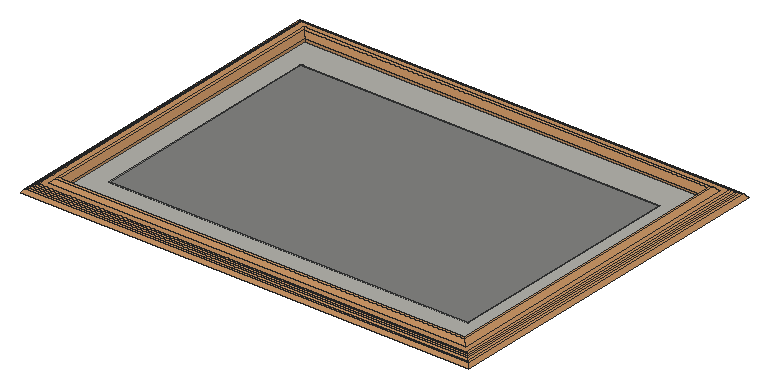
Revit family "f0d29c91-3355-4572-92d5-4f0d480f08f5", category Furniture, host Face, Revit 2016
Family settings
  Host = Face
  OmniClass Number = 23.40.95.00
  OmniClass Title = Furnishings, Ornaments, and Decoration
  Cut with Voids When Loaded = No
  Shared = No
  Room Calculation Point = No
Parameters (values of type "35" x 45"")
  Width = 45"
  URL = "http://besafeprod.com/"
  Type Image = <None>
  Type Comments = ""
  Product Page URL = "http://besafeprod.com/product-catalog/art-frames"
  Product Documentation Link = "http://besafeprod.com/images/art-fram_profile.jpg"
  Notes = "Images include watermark. For clean images, contact Behavorial Safety Products"  # constant formula
  Model = "AF550"  # constant formula
  Mat Finish = Paper-BSP-White Mat
  Manufacturer = "Behavioral Safety Products"  # constant formula
  Keynote = ""
  Image Width = 36"
  Image Height = 24"
  Height = 35"
  Front Protection Finish = Polycarbonate-BSP-Clear
  Frame Finish = Wood-BSP-Cherry
  Description = "Ligature Resistant Art Frame"  # constant formula
  Depth = 1 1/8"  # constant formula
  Default Elevation = 54"
  Assembly Code = ""
  Art Selection = Image-31 : 24x36
  Art Note = "Frame 37x31 uses 16x20 Image, Frame 31x39 uses 20x30 Image, Frame 35x45 uses 24x36 Image"  # constant formula
Types (4): name | Width | Image Width | Image Height | Height | Art Selection
  (no name) | 45" | 36" | 24" | 35" | Image-31 : 24x36
  35" x 45" | 45" | 36" | 24" | 35" | Image-31 : 24x36
  31" x 39" | 39" | 30" | 20" | 31" | Image-31 : 20x30
  27" x 31" | 31" | 20" | 16" | 27" | Image-31 : 16x20
Reference planes (in)
  plane 1 "Center (Front/Back)": y = 12.5
  plane 2: z = 0
  plane 3 "Center (Left/Right)": x = -9.5
  plane 4: x = -32
  plane 5: x = 13
  plane 6: y = -5
  plane 7: y = 30
  plane 8: x = -27.5
  plane 9: x = 8.5
  plane 10: y = 0.5
  plane 11: y = 24.5
Forms (in)
  Sweep 1, solid, material "Wood-BSP-Cherry" <- "Frame Finish", detail levels medium+fine
    path origin (0, 0, 0) x (1, 0, 0) y (0, 1, 0)
      loop
        line (-32, 30) -> (-32, -5) -> (13, -5) -> (13, 30) -> (-32, 30)
    profile "Art_Frame-Profile : Art_Frame-Profile" origin (-9.5, 30, 0) x (0, 1, 0) y (0, 0, 1)
      loop
        line (0, 0) -> (-0.25, 0.3125) -> (-0.41399, 0.4034)
        arc (-0.41399, 0.4034) -> (-0.51102, 0.42173) -> (-0.57798, 0.4943) r 0.15721
        line (-0.57798, 0.4943) -> (-0.68731, 0.5549)
        arc (-0.68731, 0.5549) -> (-0.78434, 0.57323) -> (-0.8513, 0.64581) r 0.15721
        line (-0.8513, 0.64581) -> (-1.01529, 0.73671) -> (-1.57779, 0.73671) -> (-2.00232, 1.09293)
        arc (-2.00232, 1.09293) -> (-2.12273, 1.12128) -> (-2.21715, 1.04135) r 0.13742
        line (-2.21715, 1.04135) -> (-2.5, 0.375) -> (-2.5, 0.1875) -> (-2.25, 0.1875) -> (-2.25, 0) -> (0, 0)
  Extrusion 2, solid, material "Wood-BSP-Cherry" <- "Frame Finish", detail levels coarse
    sketch origin (0, 0, 0) x (1, 0, 0) y (0, 1, 0)
      loop
        line (-32, 30) -> (-32, -5) -> (13, -5) -> (13, 30) -> (-32, 30)
      loop
        line (-29.5, 27.5) -> (-29.5, -2.5) -> (10.5, -2.5) -> (10.5, 27.5) -> (-29.5, 27.5)
    from 0 to 1.125
  Extrusion 3, solid, material "Wood-BSP-Cherry" <- "Frame Finish", detail levels medium+fine
    sketch origin (0, 0, 0) x (1, 0, 0) y (0, 1, 0)
      loop
        line (-29.75, 27.75) -> (-29.75, -2.75) -> (10.75, -2.75) -> (10.75, 27.75) -> (-29.75, 27.75)
    from 0 to 0.0625
  Extrusion 4, solid, material "Paper-BSP-White Mat" <- "Mat Finish", detail levels medium+fine
    sketch origin (0, 0, 0) x (1, 0, 0) y (0, 1, 0)
      loop
        line (-29.75, 27.75) -> (-29.75, -2.75) -> (10.75, -2.75) -> (10.75, 27.75) -> (-29.75, 27.75)
      loop
        line (-27.5, 24.5) -> (-27.5, 0.5) -> (8.5, 0.5) -> (8.5, 24.5) -> (-27.5, 24.5)
    from 0.0625 to 0.09375
  Extrusion 5, solid, material "Polycarbonate-BSP-Clear" <- "Front Protection Finish"
    sketch origin (0, 0, 0) x (1, 0, 0) y (0, 1, 0)
      loop
        line (-29.75, 27.75) -> (-29.75, -2.75) -> (10.75, -2.75) -> (10.75, 27.75) -> (-29.75, 27.75)
    from 0.09375 to 0.1875
Lines and regions (in)
  Masking region 1, detail levels medium
    outline origin (0, 12.5, 0) x (1, 0, 0) y (0, 0, 1)
      loop
        line (-32, 0) -> (13, 0) -> (13, 1.125) -> (-32, 1.125) -> (-32, 0)
  Masking region 2, detail levels fine
    outline origin (0, 12.5, 0) x (1, 0, 0) y (0, 0, 1)
      loop
        line (-31.75, 0.3125) -> (-32, 0) -> (13, 0) -> (12.75, 0.3125) -> (12.58601, 0.4034)
        arc (12.58601, 0.4034) -> (12.48898, 0.42173) -> (12.42202, 0.4943) r 0.15721
        line (12.42202, 0.4943) -> (12.31269, 0.5549)
        arc (12.31269, 0.5549) -> (12.21566, 0.57323) -> (12.1487, 0.64581) r 0.15721
        line (12.1487, 0.64581) -> (11.98471, 0.73671) -> (11.42221, 0.73671) -> (10.99768, 1.09293)
        arc (10.99768, 1.09293) -> (10.87727, 1.12128) -> (10.78285, 1.04135) r 0.13742
        line (10.78285, 1.04135) -> (10.65354, 0.73671) -> (-29.65354, 0.73671) -> (-29.78285, 1.04135)
        arc (-29.78285, 1.04135) -> (-29.87727, 1.12128) -> (-29.99768, 1.09293) r 0.13742
        line (-29.99768, 1.09293) -> (-30.42221, 0.73671) -> (-30.98471, 0.73671) -> (-31.1487, 0.64581)
        arc (-31.1487, 0.64581) -> (-31.21566, 0.57323) -> (-31.31269, 0.5549) r 0.15721
        line (-31.31269, 0.5549) -> (-31.42202, 0.4943)
        arc (-31.42202, 0.4943) -> (-31.48898, 0.42173) -> (-31.58601, 0.4034) r 0.15721
        line (-31.58601, 0.4034) -> (-31.75, 0.3125)
  symbolic lines, style "Art Frame-Course", detail levels coarse
    curve 1: line (13, 12.5, 1.125) -> (-32, 12.5, 1.125)
Dimensions and locks (in)
  equal spacing: plane 7, plane 1 "Center (Front/Back)", plane 6
  "Height": plane 7 to plane 6
  equal spacing: plane 4, plane 3 "Center (Left/Right)", plane 5
  "Width": plane 4 to plane 5
  "Depth": Extrusion 2 to Extrusion 2
  locked: Extrusion 3 to Extrusion 3 at 0.0625
  equal spacing: plane 11, plane 1 "Center (Front/Back)", plane 10
  "Image Height": plane 11 to plane 10
  equal spacing: plane 8, plane 3 "Center (Left/Right)", plane 9
  "Image Width": plane 8 to plane 9
  locked: Extrusion 4 to Extrusion 4 at 0.03125
  aligned and locked: plane 2 to host face
  aligned and locked: level to host face
  aligned and locked: Sweep 1 sketch curve to plane 7
  aligned and locked: plane 4 to Sweep 1 sketch curve
  aligned and locked: plane 6 to Sweep 1 sketch curve
  aligned and locked: Sweep 1 sketch curve to plane 5
  aligned and locked: Extrusion 2 sketch curve to Sweep 1  (x6)
  aligned and locked: plane 6 to Extrusion 2 sketch curve
  aligned and locked: Extrusion 2 sketch curve to plane 5
  aligned and locked: Extrusion 3 sketch curve to Sweep 1  (x4)
  aligned and locked: Extrusion 3 to level
  aligned and locked: Extrusion 4 sketch curve to Sweep 1  (x4)
  aligned and locked: Extrusion 4 sketch curve to plane 11
  aligned and locked: plane 10 to Extrusion 4 sketch curve
  aligned and locked: Extrusion 5 sketch curve to Sweep 1  (x4)
  aligned and locked: Extrusion 5 to Sweep 1
  aligned and locked: curve 1 to Extrusion 2
  aligned and locked: plane 4 to curve 1
  aligned and locked: plane 5 to curve 1
  aligned and locked: Masking region 1 sketch curve to Sweep 1
  aligned and locked: Masking region 1 sketch curve to Extrusion 2  (x3)
  aligned and locked: Masking region 2 sketch curve to Sweep 1  (x16)
  aligned and locked: Sweep 1 to Masking region 2 sketch curve  (x3)
  aligned and locked: host face to Masking region 2 sketch curve
  aligned and locked: plane 3 "Center (Left/Right)" to nested 1
  aligned and locked: plane 1 "Center (Front/Back)" to nested 1
  aligned and locked: nested 1 to Extrusion 3
Automatic sketch dimensions
  host sketch curve to host sketch curve = 96"  (x2)
  level to curve 1 = 1 1/8"
  Masking region 2 sketch curve to Masking region 2 sketch curve = 0.1265"
  Masking region 2 sketch curve to Masking region 2 sketch curve = 0.42453"
  level to Masking region 2 sketch curve = 1.04135"
  Masking region 2 sketch curve to Masking region 2 sketch curve = 0.08833"
  Masking region 2 sketch curve to Masking region 2 sketch curve = 0.12931"
  Masking region 2 sketch curve to Masking region 2 sketch curve = 0.35622"
  Extrusion 4 sketch curve to plane 8 = 0"
  Extrusion 4 sketch curve to plane 9 = 0"
  plane 4 to Extrusion 4 sketch curve = 2 1/4"
Nested families (in)
  nested 1: "Image-31" at (-9.5, 12.5, 0.0625), type <- "Art Selection", type "24x36", detail levels medium+fine
    with Width 36", Height 24"
Definition of nested family "Image-31"
  Parameters
    Width = 30"
    Image = none
    Height = 20"
  Reference planes (in)
    plane 1 "Center (Front/Back)": y = 0
    plane 2: z = 0
    plane 3 "Center (Left/Right)": x = 0
    plane 4: x = -15
    plane 5: x = 15
    plane 6: y = 10
    plane 7: y = -10
  Forms (in)
    Extrusion 1, solid, material <- "Image"
      sketch origin (0, 0, 0) x (1, 0, 0) y (0, 1, 0)
        loop
          line (-15, 10) -> (-15, -10) -> (15, -10) -> (15, 10) -> (-15, 10)
      from 0 to 0.03125
  Dimensions and locks (in)
    equal spacing: plane 6, plane 1 "Center (Front/Back)", plane 7
    "Height": plane 6 to plane 7
    equal spacing: plane 4, plane 3 "Center (Left/Right)", plane 5
    "Width": plane 4 to plane 5
    locked: Extrusion 1 to Extrusion 1 at 0.03125
    aligned and locked: plane 2 to level
    aligned and locked: Extrusion 1 sketch curve to plane 6
    aligned and locked: plane 4 to Extrusion 1 sketch curve
    aligned and locked: plane 7 to Extrusion 1 sketch curve
    aligned and locked: Extrusion 1 sketch curve to plane 5
